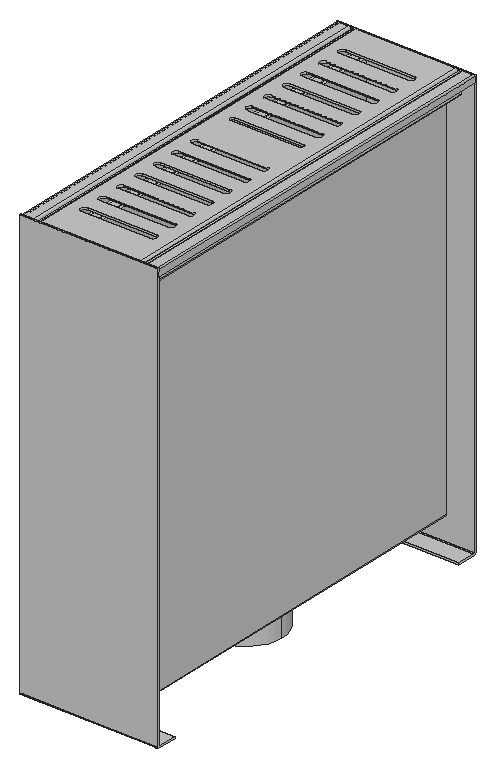
Revit family "Basin_Catch_7X20-Zurn-Z897-6", category Plumbing Fixtures, Revit 2022
Family settings
  Round Connector Dimension = Use Radius
  Part Type = Normal
  OmniClass Number = 23.70.50.21.24.14
  OmniClass Title = Deck Waste Water Drains
  Work Plane-Based = No
  Always vertical = Yes
  Cut with Voids When Loaded = No
  Maintain Annotation Orientation = No
  Shared = No
  Room Calculation Point = No
Parameters (values of type "Load Family Type Catalog")
  Waste Connection = 1 = 1  # yes
  WFU = 1  # constant formula
  Vent Connection = 1 = 0  # no
  URL = "www.zurn.com"
  Type Comments = "Z897-6_3 Inch No-Hub Bottom Outlet"
  Product data url = "https://www.bimobject.com/en-us/zurnindustries/product/z897-6"
  Product Page URL = "https://www.zurn.com/products/drainage-interceptors/stainless-drains/stainless-trench-drains/z897-6"
  Product Documentation Link = "https://files.zurn.com/spec-sheets/z897-6.pdf"
  Pipe Size "A" Bottom (Outer Radius) = [Pipe Size "A" Bottom (Outer Diameter)] / 2  # 1.750"
  Pipe Size "A" Bottom (Outer Diameter) = 3.500"
  Pipe Size "A" Bottom (Nominal Radius) = [Pipe Size "A" Bottom (Nominal Diameter)] / 2  # 1.500"
  Pipe Size "A" Bottom (Nominal Diameter) = 3.000"
  Pipe Size "A" Bottom (Inside Diameter) = 3.068"
  Pipe Size "A" Bottom (Inner Radius) = [Pipe Size "A" Bottom (Inside Diameter)] / 2  # 1.534"
  Pipe Size "A" End(Outer Radius) = [Pipe Size "A" End (Outer Diameter)] / 2  # 1.750"
  Pipe Size "A" End(Nominal Radius) = [Pipe Size "A" End(Nominal Diameter)] / 2  # 1.500"
  Pipe Size "A" End(Nominal Diameter) = 3.000"
  Pipe Size "A" End (Outer Diameter) = 3.500"
  Pipe Size "A" End (Inner Radius ) = [Pipe Size "A" End (Inner Diameter )] / 2  # 1.534"
  Pipe Size "A" End (Inner Diameter ) = 3.068"
  Modified Date = "12/08/2025"  # constant formula
  Model = "Z897-6"
  Manufacurer Brand = "Zurn"  # constant formula
  Manufacturer = "Zurn Water, LLC"  # constant formula
  Main Material = Steel - Zurn - Stainless - Type - 304
  HWFU = 0  # constant formula
  HW Connection = 1 = 0  # no
  End Outlet = no
  Description = "7 [178] WIDE REVEAL x 20-1/8 [511] LONGCATCH BASIN"  # constant formula
  Default Elevation = 20.000"  # constant formula
  Date Created = "01/23/2023"  # constant formula
  CWFU = 0  # constant formula
  CW Connection = 1 = 0  # no
  Bottom Outlet = yes
  Assembly Code = "D2040300"
Reference planes (in)
  plane 1 "Center (Front/Back)": y = 0
  plane 2: z = 0
  plane 3 "Center (Left/Right)": x = 0
  plane 4: x = 3.5
  plane 5: x = -3.5
  plane 6: x = -2.75
  plane 7: x = 2.75
  plane 8: x = 7.5
  plane 9: x = -7.5
  plane 10: x = -2.063
  plane 11: x = 2.063
  plane 12: x = 2
  plane 13: x = -2
  plane 14: z = -0.375
  plane 15: z = -1.188
  plane 16 "outlet": z = -20.8125
  plane 17 "001": z = -21.8125
  plane 18: z = -24.8125
  plane 19: y = -10
  plane 20: y = 10
  plane 21: z = -0.0625
  plane 22: z = -1.1255
  plane 23: x = 1.749
  plane 24: x = -1.749
  plane 25 "003": y = -10.0625
  plane 26: y = 10.0625
  plane 27: z = -19
  plane 28: z = -17.25
  plane 29: z = -20.8125
  plane 30: z = -17.5
  plane 31: z = -20.5
  plane 32: z = -17.466
  plane 33: z = -20.534
  plane 34: z = -20.75
  plane 35 "002": y = -11.0625
  plane 36: y = 1.75
  plane 37: y = -1.75
  plane 38: y = 1.534
  plane 39: y = -1.534
  plane 40: y = 1.5
  plane 41: y = -1.5
  plane 42: x = -1.5
  plane 43: x = 1.5
Forms (in)
  Extrusion 1, solid, material "Steel - Zurn - Stainless - Type - 304" <- "Main Material", detail levels fine
    sketch origin (0, 0, -0.00766) x (1, 0, 0) y (0, 0, 1)
      loop
        line (3.43755, -0.36734) -> (3.50011, -0.36734) -> (3.50011, -0.05494)
        arc (3.50011, -0.05494) -> (3.48178, -0.01067) -> (3.43751, 0.00766) r 0.0626
        line (3.43751, 0.00766) -> (2.814, 0.00766)
        arc (2.814, 0.00766) -> (2.76875, -0.01108) -> (2.75, -0.05634) r 0.064
        line (2.75, -0.05634) -> (2.75, -1.02198)
        arc (2.75, -1.02198) -> (2.72192, -1.08976) -> (2.65414, -1.11784) r 0.09586
        line (2.65414, -1.11784) -> (2.09283, -1.11784)
        arc (2.09283, -1.11784) -> (2.03605, -1.13584) -> (2, -1.18325) r 0.09858
        line (2, -1.18325) -> (2, -20.44441)
        arc (2, -20.44441) -> (1.98418, -20.48584) -> (1.94478, -20.5062) r 0.06217
        line (1.94478, -20.5062) -> (0, -20.74139) -> (-1.9449, -20.50955)
        arc (-1.9449, -20.50955) -> (-1.98424, -20.48898) -> (-2, -20.44749) r 0.0625
        line (-2, -20.44749) -> (-2, -1.18325)
        arc (-2, -1.18325) -> (-2.03605, -1.13584) -> (-2.09283, -1.11784) r 0.09858
        line (-2.09283, -1.11784) -> (-2.6875, -1.11784)
        arc (-2.6875, -1.11784) -> (-2.73169, -1.09953) -> (-2.75, -1.05534) r 0.0625
        line (-2.75, -1.05534) -> (-2.75, -0.11734)
        arc (-2.75, -0.11734) -> (-2.78661, -0.02895) -> (-2.875, 0.00766) r 0.125
        line (-2.875, 0.00766) -> (-3.375, 0.00766)
        arc (-3.375, 0.00766) -> (-3.46339, -0.02895) -> (-3.5, -0.11734) r 0.125
        line (-3.5, -0.11734) -> (-3.5, -0.36734) -> (-3.4375, -0.36734) -> (-3.4375, -0.11734)
        arc (-3.4375, -0.11734) -> (-3.41919, -0.07314) -> (-3.375, -0.05484) r 0.0625
        line (-3.375, -0.05484) -> (-2.875, -0.05484)
        arc (-2.875, -0.05484) -> (-2.83081, -0.07314) -> (-2.8125, -0.11734) r 0.0625
        line (-2.8125, -0.11734) -> (-2.8125, -1.11784)
        arc (-2.8125, -1.11784) -> (-2.79419, -1.16203) -> (-2.75, -1.18034) r 0.0625
        line (-2.75, -1.18034) -> (-2.1255, -1.18034)
        arc (-2.1255, -1.18034) -> (-2.08131, -1.19864) -> (-2.063, -1.24284) r 0.0625
        line (-2.063, -1.24284) -> (-2.063, -20.50342)
        arc (-2.063, -20.50342) -> (-2.04724, -20.54492) -> (-2.0079, -20.56548) r 0.0625
        line (-2.0079, -20.56548) -> (0, -20.80484) -> (2.008, -20.56227)
        arc (2.008, -20.56227) -> (2.04727, -20.54169) -> (2.063, -20.50023) r 0.0625
        line (2.063, -20.50023) -> (2.063, -1.24284)
        arc (2.063, -1.24284) -> (2.08131, -1.19864) -> (2.1255, -1.18034) r 0.0625
        line (2.1255, -1.18034) -> (2.75039, -1.18034)
        arc (2.75039, -1.18034) -> (2.79477, -1.16196) -> (2.81316, -1.11758) r 0.06276
        line (2.81316, -1.11758) -> (2.81316, -0.11758)
        arc (2.81316, -0.11758) -> (2.83153, -0.07322) -> (2.8759, -0.05484) r 0.06274
        line (2.8759, -0.05484) -> (3.37503, -0.05484)
        arc (3.37503, -0.05484) -> (3.41924, -0.07315) -> (3.43755, -0.11736) r 0.06252
        line (3.43755, -0.11736) -> (3.43755, -0.36734)
    from -10 to 10
  Extrusion 2, solid, material "Steel - Zurn - Stainless - Type - 304" <- "Main Material", detail levels fine
    sketch origin (0, 0, 0) x (1, 0, 0) y (0, 0, 1)
      loop
        line (2.1255, -1.188) -> (2.56184, -1.188)
        arc (2.56184, -1.188) -> (2.65023, -1.15139) -> (2.68684, -1.063) r 0.125
        line (2.68684, -1.063) -> (2.68684, -0.125)
        arc (2.68684, -0.125) -> (2.65023, -0.03661) -> (2.56184, 0) r 0.125
        line (2.56184, 0) -> (-2.56184, 0)
        arc (-2.56184, 0) -> (-2.65023, -0.03661) -> (-2.68684, -0.125) r 0.125
        line (-2.68684, -0.125) -> (-2.68684, -1.063)
        arc (-2.68684, -1.063) -> (-2.65023, -1.15139) -> (-2.56184, -1.188) r 0.125
        line (-2.56184, -1.188) -> (-2.1255, -1.188) -> (-2.1255, -1.1255) -> (-2.56184, -1.1255)
        arc (-2.56184, -1.1255) -> (-2.60568, -1.10734) -> (-2.62384, -1.0635) r 0.062
        line (-2.62384, -1.0635) -> (-2.62384, -0.1245)
        arc (-2.62384, -0.1245) -> (-2.60568, -0.08066) -> (-2.56184, -0.0625) r 0.062
        line (-2.56184, -0.0625) -> (2.56184, -0.0625)
        arc (2.56184, -0.0625) -> (2.60568, -0.08066) -> (2.62384, -0.1245) r 0.062
        line (2.62384, -0.1245) -> (2.62384, -1.0635)
        arc (2.62384, -1.0635) -> (2.60568, -1.10734) -> (2.56184, -1.1255) r 0.062
        line (2.56184, -1.1255) -> (2.1255, -1.1255) -> (2.1255, -1.188)
    from -10 to 10
  Extrusion 3, void
    sketch origin (0, 0, 0) x (1, 0, 0) y (0, 1, 0)
      loop
        arc (-1.749, -7.98682) -> (-1.9365, -8.17432) -> (-1.749, -8.36182) r 0.1875
        line (-1.749, -8.36182) -> (1.749, -8.36182)
        arc (1.749, -8.36182) -> (1.9365, -8.17432) -> (1.749, -7.98682) r 0.1875
        line (1.749, -7.98682) -> (-1.749, -7.98682)
      loop
        arc (-1.749, -6.81582) -> (-1.9365, -7.00332) -> (-1.749, -7.19082) r 0.1875
        line (-1.749, -7.19082) -> (1.749, -7.19082)
        arc (1.749, -7.19082) -> (1.9365, -7.00332) -> (1.749, -6.81582) r 0.1875
        line (1.749, -6.81582) -> (-1.749, -6.81582)
      loop
        arc (-1.749, -5.64482) -> (-1.9365, -5.83232) -> (-1.749, -6.01982) r 0.1875
        line (-1.749, -6.01982) -> (1.749, -6.01982)
        arc (1.749, -6.01982) -> (1.9365, -5.83232) -> (1.749, -5.64482) r 0.1875
        line (1.749, -5.64482) -> (-1.749, -5.64482)
      loop
        arc (-1.749, -4.47382) -> (-1.9365, -4.66132) -> (-1.749, -4.84882) r 0.1875
        line (-1.749, -4.84882) -> (1.749, -4.84882)
        arc (1.749, -4.84882) -> (1.9365, -4.66132) -> (1.749, -4.47382) r 0.1875
        line (1.749, -4.47382) -> (-1.749, -4.47382)
      loop
        arc (-1.75149, -3.30282) -> (-1.93899, -3.49032) -> (-1.75149, -3.67782) r 0.1875
        line (-1.75149, -3.67782) -> (1.749, -3.67782)
        arc (1.749, -3.67782) -> (1.9365, -3.49032) -> (1.749, -3.30282) r 0.1875
        line (1.749, -3.30282) -> (-1.75149, -3.30282)
      loop
        arc (-1.749, -2.13182) -> (-1.9365, -2.31932) -> (-1.749, -2.50682) r 0.1875
        line (-1.749, -2.50682) -> (1.749, -2.50682)
        arc (1.749, -2.50682) -> (1.9365, -2.31932) -> (1.749, -2.13182) r 0.1875
        line (1.749, -2.13182) -> (-1.749, -2.13182)
      loop
        arc (-1.749, -0.96082) -> (-1.9365, -1.14832) -> (-1.749, -1.33582) r 0.1875
        line (-1.749, -1.33582) -> (1.749, -1.33582)
        arc (1.749, -1.33582) -> (1.9365, -1.14832) -> (1.749, -0.96082) r 0.1875
        line (1.749, -0.96082) -> (-1.749, -0.96082)
      loop
        arc (-1.749, 1.34918) -> (-1.874, 1.22418) -> (-1.749, 1.09918) r 0.125
        line (-1.749, 1.09918) -> (1.749, 1.09918)
        arc (1.749, 1.09918) -> (1.874, 1.22418) -> (1.749, 1.34918) r 0.125
        line (1.749, 1.34918) -> (-1.749, 1.34918)
      loop
        arc (-1.749, 2.52018) -> (-1.9365, 2.33268) -> (-1.749, 2.14518) r 0.1875
        line (-1.749, 2.14518) -> (1.749, 2.14518)
        arc (1.749, 2.14518) -> (1.9365, 2.33268) -> (1.749, 2.52018) r 0.1875
        line (1.749, 2.52018) -> (-1.749, 2.52018)
      loop
        arc (-1.749, 3.69118) -> (-1.9365, 3.50368) -> (-1.749, 3.31618) r 0.1875
        line (-1.749, 3.31618) -> (1.749, 3.31618)
        arc (1.749, 3.31618) -> (1.9365, 3.50368) -> (1.749, 3.69118) r 0.1875
        line (1.749, 3.69118) -> (-1.749, 3.69118)
      loop
        arc (-1.749, 4.86218) -> (-1.9365, 4.67468) -> (-1.749, 4.48718) r 0.1875
        line (-1.749, 4.48718) -> (1.749, 4.48718)
        arc (1.749, 4.48718) -> (1.9365, 4.67468) -> (1.749, 4.86218) r 0.1875
        line (1.749, 4.86218) -> (-1.749, 4.86218)
      loop
        arc (-1.749, 6.03318) -> (-1.9365, 5.84568) -> (-1.749, 5.65818) r 0.1875
        line (-1.749, 5.65818) -> (1.749, 5.65818)
        arc (1.749, 5.65818) -> (1.9365, 5.84568) -> (1.749, 6.03318) r 0.1875
        line (1.749, 6.03318) -> (-1.749, 6.03318)
      loop
        arc (-1.749, 7.20418) -> (-1.9365, 7.01668) -> (-1.749, 6.82918) r 0.1875
        line (-1.749, 6.82918) -> (1.749, 6.82918)
        arc (1.749, 6.82918) -> (1.9365, 7.01668) -> (1.749, 7.20418) r 0.1875
        line (1.749, 7.20418) -> (-1.749, 7.20418)
      loop
        arc (-1.749, 8.37518) -> (-1.9365, 8.18768) -> (-1.749, 8.00018) r 0.1875
        line (-1.749, 8.00018) -> (1.749, 8.00018)
        arc (1.749, 8.00018) -> (1.9365, 8.18768) -> (1.749, 8.37518) r 0.1875
        line (1.749, 8.37518) -> (-1.749, 8.37518)
    from 0 to -0.06254
  Extrusion 4, solid, material "Steel - Zurn - Stainless - Type - 304" <- "Main Material", detail levels fine
    sketch origin (0, 0, 0) x (0, 1, 0) y (0, 0, 1)
      loop
        line (10.0625, 0) -> (10, 0) -> (10, -21.69795)
        arc (10, -21.69795) -> (9.9849, -21.7344) -> (9.94845, -21.7495) r 0.05155
        line (9.94845, -21.7495) -> (9, -21.7495) -> (9, -21.8125) -> (9.96514, -21.8125)
        arc (9.96514, -21.8125) -> (10.03398, -21.78398) -> (10.0625, -21.71514) r 0.09736
        line (10.0625, -21.71514) -> (10.0625, 0)
      loop
        line (-10.0625, 0) -> (-10.0625, -21.7495)
        arc (-10.0625, -21.7495) -> (-10.04405, -21.79405) -> (-9.9995, -21.8125) r 0.063
        line (-9.9995, -21.8125) -> (-9, -21.8125) -> (-9, -21.7495) -> (-9.937, -21.7495)
        arc (-9.937, -21.7495) -> (-9.98155, -21.73105) -> (-10, -21.6865) r 0.063
        line (-10, -21.6865) -> (-10, 0) -> (-10.0625, 0)
    from -3.5 to 3.5
  Extrusion 5, solid, material "Steel - Zurn - Stainless - Type - 304" <- "Main Material", visible <- "End Outlet", detail levels fine
    sketch origin (0, 0, 1.01126) x (1, 0, 0) y (0, 0, 1)
      loop
        circle (0, -20.01126) r 1.75
    from 10.0625 to 11.0625
  Extrusion 6, void
    sketch origin (0, 0, 0) x (1, 0, 0) y (0, 0, 1)
      loop
        circle (0, -19) r 1.534
    from 10.0625 to 11.0625
  Extrusion 7, solid, material "Steel - Zurn - Stainless - Type - 304" <- "Main Material", visible <- "Bottom Outlet", detail levels fine
    sketch origin (0, 0, -20.8125) x (-1, 0, 0) y (0, -1, 0)
      loop
        circle (0, 0) r 1.75
    from -1 to 0.2785
  Extrusion 8, void
    sketch origin (0, 0, -20.8125) x (-1, 0, 0) y (0, -1, 0)
      loop
        circle (0, 0) r 1.534
    from -1 to 0
Cuts and joins
  Extrusion 3 cuts Extrusion 2
  Extrusion 6 cuts Extrusion 4
  Extrusion 6 cuts Extrusion 5
  Extrusion 8 cuts Extrusion 1
  Extrusion 8 cuts Extrusion 7
Lines and regions (in)
  Masking region 1
    outline origin (0, 0, 0) x (1, 0, 0) y (0, 1, 0)
      loop
        line (-3.5, 10.0625) -> (-3.5, -10.0625) -> (3.5, -10.0625) -> (3.5, 10.0625) -> (-3.5, 10.0625)
  model lines, detail levels coarse+medium
    curve 1: line (-2.75, 10.0625, 0) -> (2.75, 10.0625, 0)
    curve 2: line (-2.75, -10.0625, 0) -> (-2.75, 10.0625, 0)
    curve 3: line (2.75, -10.0625, 0) -> (-2.75, -10.0625, 0)
    curve 4: line (2.75, 10.0625, 0) -> (2.75, -10.0625, 0)
    curve 5: line (-2.75, 8.05, 0) -> (2.75, 8.05, 0)
    curve 6: line (2.75, 6.0375, 0) -> (-2.75, 6.0375, 0)
    curve 7: line (-2.75, 4.025, 0) -> (2.75, 4.025, 0)
    curve 8: line (2.75, 2.0125, 0) -> (-2.75, 2.0125, 0)
    curve 9: line (-2.75, 0, 0) -> (2.75, 0, 0)
    curve 10: line (2.75, -2.0125, 0) -> (-2.75, -2.0125, 0)
    curve 11: line (-2.75, -4.025, 0) -> (2.75, -4.025, 0)
    curve 12: line (2.75, -6.0375, 0) -> (-2.75, -6.0375, 0)
    curve 13: line (-2.75, -8.05, 0) -> (2.75, -8.05, 0)
    curve 14: line (0, 10.0625, 0) -> (0, 10.0625, -20.8125)
    curve 15: line (0, 10.0625, -20.8125) -> (0, -10.0625, -20.8125)
    curve 22: line (0, -10.0625, 0) -> (0, -10.0625, -20.8125)
  model lines, visible <- "Bottom Outlet", detail levels coarse+medium
    curve 16: line (0, 1.5, -21.8125) -> (0, -1.5, -21.8125)
    curve 17: line (-1.5, 0, -21.8125) -> (1.5, 0, -21.8125)
    curve 19: line (0, 0, -20.8125) -> (0, 0, -21.8125)
  model lines, visible <- "End Outlet", detail levels coarse+medium
    curve 18: line (0, -11.0625, -17.5) -> (0, -11.0625, -20.5)
    curve 20: line (0, -10.0625, -19) -> (0, -11.0625, -19)
  model lines, visible <- "End Outlet"
    curve 21: line (1.5, -11.0625, -19) -> (-1.5, -11.0625, -19)
Dimensions and locks (in)
  equal spacing: plane 13, plane 3 "Center (Left/Right)", plane 12
  locked: plane 13 to plane 12 at 4
  equal spacing: plane 10, plane 3 "Center (Left/Right)", plane 11
  locked: plane 10 to plane 11 at 4.126
  equal spacing: plane 6, plane 3 "Center (Left/Right)", plane 7
  locked: plane 6 to plane 7 at 5.5
  equal spacing: plane 5, plane 3 "Center (Left/Right)", plane 4
  locked: plane 5 to plane 4 at 7
  locked: plane 9 to plane 5 at 4
  locked: plane 4 to plane 8 at 4
  locked: level to plane 14 at 0.375
  locked: level to plane 15 at 1.188
  level to plane 16 "outlet" = 20.8125"
  locked: plane 16 "outlet" to plane 17 "001" at 1
  locked: plane 16 "outlet" to plane 18 at 4
  plane 11 to plane 12 = 0.063"
  locked: Extrusion 1 sketch curve to Extrusion 1 sketch curve at 0.06256
  locked: Extrusion 1 sketch curve to Extrusion 1 sketch curve at 0.0625  (x3)
  Extrusion 1 to Extrusion 1 = 20.000"
  equal spacing: plane 20, plane 1 "Center (Front/Back)", plane 19
  locked: plane 20 to plane 19 at 20
  equal spacing: Extrusion 2 sketch curve, plane 3 "Center (Left/Right)", Extrusion 2 sketch curve
  locked: Extrusion 2 sketch curve to Extrusion 1 at 5.43684
  locked: plane 10 to Extrusion 2 sketch curve at 0.0625
  locked: Extrusion 2 sketch curve to plane 11 at 0.0625
  locked: level to plane 21 at 0.0625
  locked: plane 22 to plane 15 at 0.0625
  locked: Extrusion 2 sketch curve to Extrusion 2 sketch curve at 0.063  (x2)
  locked: Extrusion 3 sketch curve to Extrusion 3 sketch curve at 0.375
  Extrusion 3 sketch curve to Extrusion 3 sketch curve to Extrusion 3 sketch curve = 0.796" locked, 0.375" locked  (x11)
  locked: Extrusion 3 sketch curve to Extrusion 3 sketch curve at 2.06
  Extrusion 3 sketch curve to Extrusion 3 sketch curve to Extrusion 3 sketch curve = 0.796" locked, 0.375"
  plane 3 "Center (Left/Right)" to Extrusion 3 sketch curve = 1.749"
  plane 24 to plane 3 "Center (Left/Right)" to plane 23 = 1.749" locked, 1.749" locked
  locked: cut or joined group of Extrusion 2, Extrusion 3 to Extrusion 3 sketch curve at 1.81232
  locked: plane 19 to Extrusion 3 sketch curve at 1.82568
  equal spacing: plane 26, plane 1 "Center (Front/Back)", plane 25 "003"
  locked: plane 26 to plane 25 "003" at 20.125
  locked: plane 26 to Extrusion 4 sketch curve at 1.0625
  level to plane 18 = 24.8125"
  locked: level to plane 17 "001" at 21.8125
  locked: Extrusion 4 sketch curve to Extrusion 4 sketch curve at 0.063  (x2)
  locked: Extrusion 4 sketch curve to plane 25 "003" at 1.0625
  equal spacing: curve 3, curve 13, curve 12, curve 11, curve 10, curve 9, curve 8, curve 7, curve 6, curve 5, plane 26, locked at 2.0125 each
  equal spacing: plane 30, plane 27, plane 31
  "Pipe Size "A" End(Nominal Diameter)": plane 30 to plane 31
  equal spacing: plane 32, plane 27, plane 33
  "Pipe Size "A" End (Inner Diameter )": plane 32 to plane 33
  locked: plane 34 to plane 29 at 0.0625
  equal spacing: plane 28, plane 27, plane 34
  "Pipe Size "A" End (Outer Diameter)": plane 28 to plane 34
  equal spacing: plane 36, plane 1 "Center (Front/Back)", plane 37
  "Pipe Size "A" Bottom (Outer Diameter)": plane 36 to plane 37
  equal spacing: plane 38, plane 1 "Center (Front/Back)", plane 39
  "Pipe Size "A" Bottom (Inside Diameter)": plane 38 to plane 39
  equal spacing: plane 41, plane 1 "Center (Front/Back)", plane 40
  "Pipe Size "A" Bottom (Nominal Diameter)": plane 41 to plane 40
  equal spacing: plane 43, plane 3 "Center (Left/Right)", plane 42
  "Pipe Size "A" End(Nominal Diameter)": plane 43 to plane 42
  locked: Extrusion 1 sketch curve to Extrusion 1 sketch curve at 0.06316
  "Pipe Size "A" End(Outer Radius)": radius of Extrusion 5 sketch curve
  "Pipe Size "A" End (Inner Radius )": radius of Extrusion 6 sketch curve
  "Pipe Size "A" Bottom (Outer Radius)": radius of Extrusion 7 sketch curve
  "Pipe Size "A" Bottom (Inner Radius)": radius of Extrusion 8 sketch curve
  radius of Extrusion 7 sketch curve = 1.750"
  aligned and locked: plane 2 to level
  aligned and locked: Extrusion 1 sketch curve to plane 14
  aligned and locked: plane 13 to Extrusion 1 sketch curve
  aligned and locked: Extrusion 1 sketch curve to plane 10
  aligned and locked: Extrusion 1 sketch curve to plane 11
  aligned and locked: Extrusion 1 sketch curve to plane 12
  aligned and locked: plane 16 "outlet" to Extrusion 1 sketch curve
  aligned and locked: plane 3 "Center (Left/Right)" to Extrusion 1 sketch curve  (x2)
  aligned and locked: plane 15 to Extrusion 1 sketch curve
  aligned and locked: Extrusion 1 sketch curve to plane 15
  aligned and locked: Extrusion 1 to plane 20
  aligned and locked: level to Extrusion 2 sketch curve
  aligned and locked: Extrusion 2 sketch curve to plane 15  (x2)
  aligned and locked: plane 21 to Extrusion 2 sketch curve
  aligned and locked: plane 22 to Extrusion 2 sketch curve  (x2)
  aligned and locked: Extrusion 2 to plane 20
  aligned and locked: plane 19 to Extrusion 2
  aligned and locked: plane 19 to Extrusion 1
  aligned and locked: plane 23 to Extrusion 3 sketch curve  (x13)
  aligned and locked: plane 24 to Extrusion 3 sketch curve  (x13)
  aligned and locked: Extrusion 4 sketch curve to plane 17 "001"
  aligned and locked: plane 26 to Extrusion 4 sketch curve
  aligned and locked: plane 25 "003" to Extrusion 4 sketch curve
  aligned and locked: Extrusion 4 sketch curve to plane 19
  aligned and locked: Extrusion 4 sketch curve to plane 20
  aligned and locked: level to Extrusion 4 sketch curve
  aligned and locked: Extrusion 4 sketch curve to level
  aligned and locked: plane 4 to Extrusion 4
  aligned and locked: Extrusion 4 to plane 5
  aligned and locked: curve 4 to plane 7
  aligned and locked: plane 6 to curve 2
  aligned and locked: plane 26 to curve 1
  aligned and locked: plane 17 "001" to Extrusion 4 sketch curve
  aligned and locked: plane 26 to Masking region 1 sketch curve
  aligned and locked: Masking region 1 sketch curve to plane 4
  aligned and locked: plane 5 to Masking region 1 sketch curve
  aligned and locked: Masking region 1 sketch curve to plane 25 "003"
  aligned and locked: curve 14 to plane 26
  aligned and locked: curve 3 to plane 25 "003"
  aligned and locked: plane 3 "Center (Left/Right)" to Extrusion 5 sketch curve
  aligned and locked: plane 27 to Extrusion 5 sketch curve
  aligned and locked: plane 35 "002" to Extrusion 5  (x2)
  aligned and locked: Extrusion 5 to plane 25 "003"
  aligned and locked: plane 3 "Center (Left/Right)" to Extrusion 6 sketch curve
  aligned and locked: plane 27 to Extrusion 6 sketch curve
  aligned and locked: plane 3 "Center (Left/Right)" to Extrusion 7 sketch curve
  aligned and locked: plane 1 "Center (Front/Back)" to Extrusion 7 sketch curve
  aligned and locked: Extrusion 7 to plane 17 "001"
  aligned and locked: Extrusion 7 to plane 33
  aligned and locked: curve 15 to Extrusion 8 sketch curve
  aligned and locked: plane 1 "Center (Front/Back)" to Extrusion 8 sketch curve
  aligned and locked: plane 40 to curve 16
  aligned and locked: plane 41 to curve 16
  aligned and locked: plane 1 "Center (Front/Back)" to curve 17
  aligned and locked: curve 16 to plane 3 "Center (Left/Right)"
  aligned and locked: plane 30 to curve 18
  aligned and locked: plane 31 to curve 18
  aligned and locked: curve 18 to plane 3 "Center (Left/Right)"
  aligned and locked: plane 35 "002" to Extrusion 6
  aligned and locked: Extrusion 6 to plane 25 "003"
  aligned and locked: Extrusion 8 to plane 17 "001"
  aligned and locked: plane 16 "outlet" to Extrusion 8
  aligned and locked: curve 15 to plane 29
  aligned and locked: curve 19 to plane 1 "Center (Front/Back)"
  aligned and locked: curve 20 to plane 27
  aligned and locked: plane 35 "002" to curve 20
  aligned and locked: plane 25 "003" to curve 20
  aligned and locked: plane 17 "001" to curve 19
  aligned and locked: plane 29 to curve 19
  aligned and locked: plane 42 to curve 21
  aligned and locked: plane 43 to curve 21
  aligned and locked: plane 27 to curve 21
  aligned and locked: plane 42 to curve 17
  aligned and locked: plane 43 to curve 17
  aligned and locked: curve 17 to plane 17 "001"
  aligned and locked: plane 21 to Extrusion 1 sketch curve
  aligned and locked: Extrusion 1 sketch curve to plane 6
  aligned and locked: plane 22 to Extrusion 1 sketch curve
  aligned and locked: Extrusion 1 sketch curve to plane 5
  aligned and locked: level to Extrusion 1 sketch curve  (x2)
  aligned and locked: Extrusion 1 sketch curve to plane 21
  aligned and locked: plane 14 to Extrusion 1 sketch curve
  aligned and locked: Extrusion 1 sketch curve to plane 7
  aligned and locked: plane 25 "003" to curve 22
Automatic sketch dimensions
  Extrusion 2 sketch curve to Extrusion 2 sketch curve = 0.000"  (x4)
  Extrusion 2 sketch curve to Extrusion 2 sketch curve = 0.062"  (x4)
  Extrusion 3 sketch curve to plane 24 = 0.00249"
  Extrusion 4 sketch curve to Extrusion 4 sketch curve = 0.0625"
  plane 20 to Extrusion 4 sketch curve = 0.05155"
  plane 20 to Extrusion 4 sketch curve = 0.03486"
  Extrusion 4 sketch curve to plane 19 = 0.0005"
  curve 17 to plane 7 = 1.250"
  plane 24 to curve 17 = 0.249"
  Extrusion 1 sketch curve to Extrusion 1 sketch curve = 0.000"  (x2)
  Extrusion 1 sketch curve to plane 6 = 0.000"
  plane 5 to Extrusion 1 sketch curve = 0.125"
  Extrusion 1 sketch curve to plane 21 = 0.0625"
  plane 6 to Extrusion 1 sketch curve = 0.0625"
  Extrusion 1 sketch curve to plane 10 = 0.0625"
  Extrusion 1 sketch curve to plane 10 = 0.02983"
  Extrusion 1 sketch curve to plane 13 = 0.0079"
  Extrusion 1 sketch curve to plane 13 = 0.0005"
  Extrusion 1 sketch curve to plane 33 = 0.01679"
  plane 13 to Extrusion 1 sketch curve = 0.0551"
  plane 31 to Extrusion 1 sketch curve = 0.04485"
  Extrusion 1 sketch curve to plane 12 = 0.06217"
  Extrusion 1 sketch curve to plane 31 = 0.01386"
  Extrusion 1 sketch curve to plane 12 = 0.05522"
  plane 12 to Extrusion 1 sketch curve = 0.0005"
  plane 12 to Extrusion 1 sketch curve = 0.008"
  plane 11 to Extrusion 1 sketch curve = 0.02983"
  Extrusion 1 sketch curve to Extrusion 1 sketch curve = 0.03267"
  Extrusion 1 sketch curve to plane 7 = 0.09586"
  Extrusion 1 sketch curve to plane 22 = 0.00026"
  Extrusion 1 sketch curve to Extrusion 1 sketch curve = 0.06274"
  Extrusion 1 sketch curve to Extrusion 1 sketch curve = 0.0619"
  Extrusion 1 sketch curve to plane 4 = 0.12497"
  Extrusion 1 sketch curve to plane 4 = 0.06249"
  Extrusion 1 sketch curve to Extrusion 1 sketch curve = 0.00004"
  plane 34 to Extrusion 1 sketch curve = 0.00095"
  Extrusion 1 sketch curve to plane 15 = 0.03608"  (x2)
  curve 14 to level = 0.000"
  curve 22 to level = 0.000"
Connectors (in)
  piping at (0, -11.0625, -19), diameter 3, driven by "Pipe Size "A" End(Nominal Radius)", driven by "Waste Connection", driven by "Waste Connection"
    settings: on cut or joined group of Extrusion 5, Extrusion 6, index 1, connector inside diameter 24", connector length 0.000", flow factor 0, pipe flow 0 GPM, pressure drop 0.00 psi, fitting loss kfactor 0, connector angle 0.00°, fixture units 0, engagement length 0.000", angle of deflection 0.00°, flow configuration 0, flow direction 2, fitting loss method 0, system type 16, joint type 0, gender type 0, connector reference index 2, connector utility 1, adjustable connector yes, is connector primary yes, connector description "Sanitary Outlet"
  piping at (0, 0, -21.8125), diameter 3, driven by "Pipe Size "A" Bottom (Nominal Radius)", driven by "Waste Connection", driven by "Waste Connection"
    settings: on cut or joined group of Extrusion 7, Extrusion 8, index 2, connector inside diameter 24", connector length 0.000", flow factor 0, pipe flow 0 GPM, pressure drop 0.00 psi, fitting loss kfactor 0, connector angle 0.00°, fixture units 0, engagement length 0.000", angle of deflection 0.00°, flow configuration 0, flow direction 2, fitting loss method 0, system type 16, joint type 0, gender type 0, connector reference index 1, connector utility 1, adjustable connector yes, is connector primary no, connector description "Sanitary Outlet"
Types in the file's own list only (8): name | Type Comments | Pipe Size "A" Bottom (Outer Radius) | Pipe Size "A" Bottom (Outer Diameter) | Pipe Size "A" Bottom (Nominal Radius) | Pipe Size "A" Bottom (Nominal Diameter) | Pipe Size "A" Bottom (Inside Diameter) | Pipe Size "A" Bottom (Inner Radius) | Pipe Size "A" End(Outer Radius) | Pipe Size "A" End(Nominal Radius) | Pipe Size "A" End(Nominal Diameter) | Pipe Size "A" End (Outer Diameter) | Pipe Size "A" End (Inner Radius ) | Pipe Size "A" End (Inner Diameter ) | Model | Main Material | End Outlet | Default Elevation | Bottom Outlet
  Z897-6-E4 | "Z897-6 with 4 Inch No-Hub End Outlet" | 2.250 " | 4.500 " | 2.000 " | 4.000 " | 4.026 " | 2.013 " | 2.250 " | 2.000 " | 4.000 " | 4.500 " | 2.013 " | 4.026 " | "Z897-6" | Steel - Zurn - Stainless - Type - 304 | Yes | 20.000 " | No
  Z897-6-E3 | "Z897-6 with 3 Inch No-Hub End Outlet" | 1.750 " | 3.500 " | 1.500 " | 3.000 " | 3.068 " | 1.534 " | 1.750 " | 1.500 " | 3.000 " | 3.500 " | 1.534 " | 3.068 " | "Z897-6" | Steel - Zurn - Stainless - Type - 304 | Yes | 20.000 " | No
  Z897-6-U3 | "Z897-6 with 3 Inch No-Hub Bottom Outlet" | 1.750 " | 3.500 " | 1.500 " | 3.000 " | 3.068 " | 1.534 " | 1.750 " | 1.500 " | 3.000 " | 3.500 " | 1.534 " | 3.068 " | "Z897-6" | Steel - Zurn - Stainless - Type - 304 | No | 20.000 " | Yes
  Z897-6-U4 | "Z897-6 with 4 Inch No-Hub Bottom Outlet" | 2.250 " | 4.500 " | 2.000 " | 4.000 " | 4.026 " | 2.013 " | 2.250 " | 2.000 " | 4.000 " | 4.500 " | 2.013 " | 4.026 " | "Z897-6" | Steel - Zurn - Stainless - Type - 304 | No | 20.000 " | Yes
  ZM897-6-E4 | "ZM897-6 with 4 Inch No-Hub End Outlet" | 1.750 " | 3.500 " | 1.500 " | 3.000 " | 3.068 " | 1.534 " | 1.750 " | 1.500 " | 3.000 " | 3.500 " | 1.534 " | 3.068 " | "ZN897-6" | Steel - Zurn - Stainless - Type - 316 | Yes | 20.000 " | No
  ZM897-6-E3 | "ZM897-6 with 3 Inch No-Hub End Outlet" | 1.750 " | 3.500 " | 1.500 " | 3.000 " | 3.068 " | 1.534 " | 1.750 " | 1.500 " | 3.000 " | 3.500 " | 1.534 " | 3.068 " | "ZN897-6" | Steel - Zurn - Stainless - Type - 316 | Yes | 20.000 " | No
  ZM897-6-U3 | "ZM897-6 with 3 Inch No-Hub Bottom Outlet" | 1.750 " | 3.500 " | 1.500 " | 3.000 " | 3.068 " | 1.534 " | 1.750 " | 1.500 " | 3.000 " | 3.500 " | 1.534 " | 3.068 " | "ZN897-6" | Steel - Zurn - Stainless - Type - 316 | No | 20.000 " | Yes
  ZM897-6-U4 | "ZM897-6 with 4 Inch No-Hub Bottom Outlet" | 2.250 " | 4.500 " | 2.000 " | 4.000 " | 4.026 " | 2.013 " | 2.250 " | 2.000 " | 4.000 " | 4.500 " | 2.013 " | 4.026 " | "ZN897-6" | Steel - Zurn - Stainless - Type - 316 | No | 20.000 " | Yes
